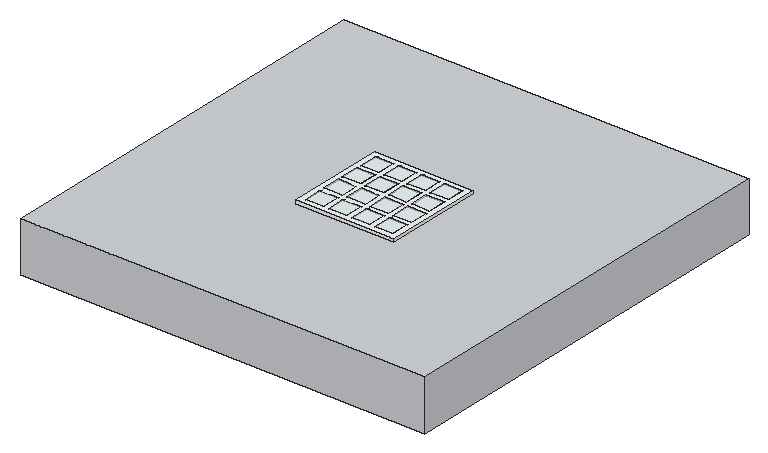
Revit family "YDILE", category Luminaires, Revit 2021
Family settings
  Hôte = Face
  Cote de connecteur circulaire = Utiliser le diamètre
  Type d'élément = Normal
  Numéro OmniClass = 23.80.70.11.17
  Titre OmniClass = Specialized Lighting by Location or Use
  Couper avec des vides une fois chargée = Oui
  Source d'éclairage = Oui
  Partagée = Oui
  Point de calcul de pièce = Oui
Parameters (values of type "621472")
  Épaisseur 2 = 2 mm
  Épaisseur = 18 mm
  URL = "https://www.resistex-sa.com/fr/ydile-4466lm-da-bp-bl-3000k-740.html"
  Tension = 230 V  # constant formula
  built-in parameter 1150107 = 3000 (stored number, unit not read)
  Wattage = 35.1 W
  built-in parameter 1150110 = 1 (stored number, unit not read)
  built-in parameter 1150109 = 1 (stored number, unit not read)
  built-in parameter 1114218 = 1 (stored number, unit not read)
  built-in parameter 1150113 = 1 (stored number, unit not read)
  built-in parameter 1150112 = 1 (stored number, unit not read)
  Nombre pôles = 1  # constant formula
  built-in parameter 1150137 = (empty or 0)
  built-in parameter 1150132 = (empty or 0)
  Modèle = "Ydile"  # constant formula
  Matériau diffuseur = PC Transparent
  Matériau corps = Alu blanc
  Longueur = 595 mm
  Largeur = 595 mm
  built-in parameter 1150105 = 354.73 (stored number, unit not read)
  built-in parameter 1150102 = (empty or 0)
  Indice de charge = Eclairage
  Image du type = <Aucun>
  IP = "20"  # constant formula
  IK = "08"  # constant formula
  Gradation des changements de température de couleur de lampe = <Aucun>
  Garantie = "5 ans"  # constant formula
  Lumens = 4457.7 lm
  Color Filter = 16777215
  Fichier de distribution photométrique = "621472.ies"
  built-in parameter 1114217 = 1 (stored number, unit not read)
  built-in parameter 1150139 = (empty or 0)
  Fabricant = "Résistex"  # constant formula
  Emit from Rectangle Length = 1219.2 mm
  Emit from Rectangle Width = 609.6 mm
  Emit Shape Visible in Rendering = no
  Default Elevation = 0 mm
  built-in parameter 1150104 = 11.799 (stored number, unit not read)
  built-in parameter 1150106 = 3.5473 (stored number, unit not read)
  built-in parameter 1150115 = 1 (stored number, unit not read)
  built-in parameter 1150114 = 1 (stored number, unit not read)
  Description = "Encastré tertiaire équipé de platines LED SMD, efficacité lumineuse de 127lm/W"
  Coût = 147.5
  built-in parameter 1150138 = (empty or 0)
  built-in parameter 1150134 = (empty or 0)
  Commentaires relatifs à la puissance = "35.1W"
  Apparent Load = 36.56 VA
  Tilt Angle = 60.00°
  built-in parameter 1150133 = 10 (stored number, unit not read)
Types (5, lengths in mm): name | URL | built-in parameter 1150107 | Wattage | built-in parameter 1150105 | Lumens | Fichier de distribution photométrique | built-in parameter 1150104 | built-in parameter 1150106 | Description | Coût | built-in parameter 1150134 | Commentaires relatifs à la puissance | Apparent Load
  (no name) | "https://www.resistex-sa.com/fr/ydile-4466lm-da-bp-bl-3000k-740.html" | 3000 (stored number, unit not read) | 35.1 W | 354.73 (stored number, unit not read) | 4457.7 lm | "621472.ies" | 11.799 (stored number, unit not read) | 3.5473 (stored number, unit not read) | "Encastré tertiaire équipé de platines LED SMD, efficacité lumineuse de 127lm/W" | 147.5 | (empty or 0) | "35.1W" | 36.56 VA
  621470 | "https://www.resistex-sa.com/fr/ydile-2985lm-bl-3000k-739.html" | 3000 (stored number, unit not read) | 21.5 W | 237.48 (stored number, unit not read) | 2984.2 lm | "621470.ies" | 12.895 (stored number, unit not read) | 2.3748 (stored number, unit not read) | "Encastré tertiaire équipé de platines LED SMD, efficacité lumineuse de 138.8lm/W" | 75 | (empty or 0) | "21.5W" | 22.16 VA
  621471 | "https://www.resistex-sa.com/fr/ydile-3245lm-bl-4000k-730.html" | 4000 (stored number, unit not read) | 21.5 W | 258.18 (stored number, unit not read) | 3244.35 lm | "621471.ies" | 14.019 (stored number, unit not read) | 2.5818 (stored number, unit not read) | "Encastré tertiaire équipé de platines LED SMD, efficacité lumineuse de 150.9lm/W" | 75 | 12 | "21.5W" | 22.16 VA
  621472 | "https://www.resistex-sa.com/fr/ydile-4466lm-da-bp-bl-3000k-740.html" | 3000 (stored number, unit not read) | 35.1 W | 354.73 (stored number, unit not read) | 4457.7 lm | "621472.ies" | 11.799 (stored number, unit not read) | 3.5473 (stored number, unit not read) | "Encastré tertiaire équipé de platines LED SMD, efficacité lumineuse de 127lm/W" | 147.5 | (empty or 0) | "35.1W" | 36.56 VA
  621473 | "https://www.resistex-sa.com/fr/ydile-4798lm-da-bp-bl-4000k-741.html" | 4000 (stored number, unit not read) | 35.6 W | 381.6 (stored number, unit not read) | 4795.32 lm | "621473.ies" | 12.514 (stored number, unit not read) | 3.816 (stored number, unit not read) | "Encastré tertiaire équipé de platines LED SMD, efficacité lumineuse de 134.7lm/W" | 147.5 | 12 | "35.6W" | 37.08 VA
Reference planes
  plane 1 "Centre (avant/arrière)": y = 0
  plane 2: z = 0
  plane 3 "Centre (gauche/droite)": x = 0
  plane 4: x = -297.5
  plane 5: x = 297.5
  plane 6: y = -297.5
  plane 7: y = 297.5
  plane 8 "Début diffuseur": z = 16
  plane 9: x = -264.5
  plane 10: x = -152.5
  plane 11: x = 152.5
  plane 12: x = 264.5
  plane 13: y = 264.5
  plane 14: y = 152.5
  plane 15: y = -152.5
  plane 16: y = -264.5
  plane 17: x = 125.5
  plane 18: x = -125.5
  plane 19: x = -13.5
  plane 20: x = 13.5
  plane 21: y = -125.5
  plane 22: y = -13.5
  plane 23: y = 13.5
  plane 24: y = 125.5
Forms (mm)
  Extrusion 1, solid
    sketch origin (0, 0, 0) x (1, 0, 0) y (0, 1, 0)
      loop
        line (-1219.2, 1219.2) -> (-1219.2, -1219.2) -> (1219.2, -1219.2) -> (1219.2, 1219.2) -> (-1219.2, 1219.2)
    from 0 to -304.8
  Extrusion 2, solid, material "Alu blanc" <- "Matériau corps"
    sketch origin (0, 0, 0) x (1, 0, 0) y (0, 1, 0)
      loop
        line (-297.5, 297.5) -> (-297.5, -297.5) -> (297.5, -297.5) -> (297.5, 297.5) -> (-297.5, 297.5)
    from 0 to 18 <- "Épaisseur"
  Extrusion 3, void
    sketch origin (0, 0, 16) x (-1, 0, 0) y (0, -1, 0)
      loop
        line (264.5, -264.5) -> (264.5, -152.5) -> (152.5, -152.5) -> (152.5, -264.5) -> (264.5, -264.5)
      loop
        line (-152.5, -264.5) -> (-152.5, -152.5) -> (-264.5, -152.5) -> (-264.5, -264.5) -> (-152.5, -264.5)
      loop
        line (-13.5, -152.5) -> (-125.5, -152.5) -> (-125.5, -264.5) -> (-13.5, -264.5) -> (-13.5, -152.5)
      loop
        line (125.5, -152.5) -> (13.5, -152.5) -> (13.5, -264.5) -> (125.5, -264.5) -> (125.5, -152.5)
      loop
        line (264.5, -13.5) -> (152.5, -13.5) -> (152.5, -125.5) -> (264.5, -125.5) -> (264.5, -13.5)
      loop
        line (125.5, -13.5) -> (13.5, -13.5) -> (13.5, -125.5) -> (125.5, -125.5) -> (125.5, -13.5)
      loop
        line (-13.5, -13.5) -> (-125.5, -13.5) -> (-125.5, -125.5) -> (-13.5, -125.5) -> (-13.5, -13.5)
      loop
        line (-152.5, -13.5) -> (-264.5, -13.5) -> (-264.5, -125.5) -> (-152.5, -125.5) -> (-152.5, -13.5)
      loop
        line (264.5, 125.5) -> (152.5, 125.5) -> (152.5, 13.5) -> (264.5, 13.5) -> (264.5, 125.5)
      loop
        line (125.5, 125.5) -> (13.5, 125.5) -> (13.5, 13.5) -> (125.5, 13.5) -> (125.5, 125.5)
      loop
        line (-13.5, 125.5) -> (-125.5, 125.5) -> (-125.5, 13.5) -> (-13.5, 13.5) -> (-13.5, 125.5)
      loop
        line (-152.5, 125.5) -> (-264.5, 125.5) -> (-264.5, 13.5) -> (-152.5, 13.5) -> (-152.5, 125.5)
      loop
        line (264.5, 264.5) -> (152.5, 264.5) -> (152.5, 152.5) -> (264.5, 152.5) -> (264.5, 264.5)
      loop
        line (125.5, 264.5) -> (13.5, 264.5) -> (13.5, 152.5) -> (125.5, 152.5) -> (125.5, 264.5)
      loop
        line (-13.5, 264.5) -> (-125.5, 264.5) -> (-125.5, 152.5) -> (-13.5, 152.5) -> (-13.5, 264.5)
      loop
        line (-152.5, 264.5) -> (-264.5, 264.5) -> (-264.5, 152.5) -> (-152.5, 152.5) -> (-152.5, 264.5)
    from 0 to 2 <- "Épaisseur 2"
  Extrusion 4, solid, material "PC Transparent" <- "Matériau diffuseur"
    sketch origin (0, 0, 16) x (-1, 0, 0) y (0, -1, 0)
      loop
        line (264.5, -264.5) -> (264.5, -152.5) -> (152.5, -152.5) -> (152.5, -264.5) -> (264.5, -264.5)
      loop
        line (13.5, -264.5) -> (125.5, -264.5) -> (125.5, -152.5) -> (13.5, -152.5) -> (13.5, -264.5)
      loop
        line (-125.5, -152.5) -> (-125.5, -264.5) -> (-13.5, -264.5) -> (-13.5, -152.5) -> (-125.5, -152.5)
      loop
        line (-152.5, -264.5) -> (-152.5, -152.5) -> (-264.5, -152.5) -> (-264.5, -264.5) -> (-152.5, -264.5)
      loop
        line (-152.5, -13.5) -> (-264.5, -13.5) -> (-264.5, -125.5) -> (-152.5, -125.5) -> (-152.5, -13.5)
      loop
        line (-13.5, -13.5) -> (-125.5, -13.5) -> (-125.5, -125.5) -> (-13.5, -125.5) -> (-13.5, -13.5)
      loop
        line (125.5, -13.5) -> (13.5, -13.5) -> (13.5, -125.5) -> (125.5, -125.5) -> (125.5, -13.5)
      loop
        line (264.5, -13.5) -> (152.5, -13.5) -> (152.5, -125.5) -> (264.5, -125.5) -> (264.5, -13.5)
      loop
        line (264.5, 125.5) -> (152.5, 125.5) -> (152.5, 13.5) -> (264.5, 13.5) -> (264.5, 125.5)
      loop
        line (125.5, 125.5) -> (13.5, 125.5) -> (13.5, 13.5) -> (125.5, 13.5) -> (125.5, 125.5)
      loop
        line (-125.5, 125.5) -> (-125.5, 13.5) -> (-13.5, 13.5) -> (-13.5, 125.5) -> (-125.5, 125.5)
      loop
        line (-264.5, 125.5) -> (-264.5, 13.5) -> (-152.5, 13.5) -> (-152.5, 125.5) -> (-264.5, 125.5)
      loop
        line (-152.5, 264.5) -> (-264.5, 264.5) -> (-264.5, 152.5) -> (-152.5, 152.5) -> (-152.5, 264.5)
      loop
        line (-13.5, 264.5) -> (-125.5, 264.5) -> (-125.5, 152.5) -> (-13.5, 152.5) -> (-13.5, 264.5)
      loop
        line (125.5, 264.5) -> (13.5, 264.5) -> (13.5, 152.5) -> (125.5, 152.5) -> (125.5, 264.5)
      loop
        line (264.5, 264.5) -> (152.5, 264.5) -> (152.5, 152.5) -> (264.5, 152.5) -> (264.5, 264.5)
    from 0 to 2 <- "Épaisseur 2"
Cuts and joins
  Extrusion 3 cuts Extrusion 2
Dimensions and locks
  "Longueur": plane 4 to plane 5
  equal spacing: plane 4, plane 3 "Centre (gauche/droite)", plane 5
  "Largeur": plane 6 to plane 7
  equal spacing: plane 6, plane 1 "Centre (avant/arrière)", plane 7
  locked: Extrusion 2 to plane 9 at 33
  locked: plane 12 to Extrusion 2 at 33
  locked: plane 9 to plane 10 at 112
  plane 11 to plane 12 = 112 mm
  locked: Extrusion 2 to plane 13 at 33
  locked: plane 16 to Extrusion 2 at 33
  locked: plane 15 to plane 16 at 112
  locked: plane 13 to plane 14 at 112
  locked: plane 17 to plane 11 at 27
  locked: plane 10 to plane 18 at 27
  locked: plane 18 to plane 19 at 112
  locked: plane 20 to plane 17 at 112
  locked: plane 14 to plane 24 at 27
  locked: plane 24 to plane 23 at 112
  locked: plane 21 to plane 15 at 27
  locked: plane 22 to plane 21 at 112
  plane 2 to plane 8 "Début diffuseur" to cut or joined group of Extrusion 2, Extrusion 3 = 16 mm, 2 mm
  "Épaisseur 2": cut or joined group of Extrusion 2, Extrusion 3 to plane 8 "Début diffuseur"
  aligned and locked: plane 2 to Extrusion 1
  aligned and locked: level to Extrusion 1
  aligned and locked: Extrusion 2 sketch curve to plane 7
  aligned and locked: Extrusion 2 sketch curve to plane 4
  aligned and locked: Extrusion 2 sketch curve to plane 6
  aligned and locked: Extrusion 2 sketch curve to plane 5
  aligned and locked: Extrusion 3 sketch curve to plane 13  (x2)
  aligned and locked: plane 9 to Extrusion 3 sketch curve
  aligned and locked: plane 14 to Extrusion 3 sketch curve  (x2)
  aligned and locked: Extrusion 3 sketch curve to plane 10
  aligned and locked: plane 11 to Extrusion 3 sketch curve
  aligned and locked: Extrusion 3 sketch curve to plane 12
  aligned and locked: Extrusion 3 sketch curve to plane 14  (x2)
  aligned and locked: Extrusion 3 sketch curve to plane 20  (x4)
  aligned and locked: plane 13 to Extrusion 3 sketch curve  (x2)
  aligned and locked: plane 17 to Extrusion 3 sketch curve  (x4)
  aligned and locked: Extrusion 3 sketch curve to plane 18  (x4)
  aligned and locked: plane 19 to Extrusion 3 sketch curve  (x4)
  aligned and locked: Extrusion 3 sketch curve to plane 23  (x4)
  aligned and locked: Extrusion 3 sketch curve to plane 9  (x3)
  aligned and locked: plane 24 to Extrusion 3 sketch curve  (x4)
  aligned and locked: plane 10 to Extrusion 3 sketch curve  (x3)
  aligned and locked: Extrusion 3 sketch curve to plane 11  (x3)
  aligned and locked: plane 12 to Extrusion 3 sketch curve  (x3)
  aligned and locked: Extrusion 3 sketch curve to plane 21  (x4)
  aligned and locked: plane 22 to Extrusion 3 sketch curve  (x4)
  aligned and locked: Extrusion 3 sketch curve to plane 16  (x4)
  aligned and locked: plane 15 to Extrusion 3 sketch curve  (x4)
  aligned and locked: Extrusion 4 sketch curve to cut or joined group of Extrusion 2, Extrusion 3  (x64)
Automatic sketch dimensions
  Extrusion 1 sketch curve to Extrusion 1 sketch curve = 2438.4 mm  (x2)
Connectors
  electrical at (0, 0, 0), driven by "Nombre pôles", driven by "Indice de charge", driven by "Tension", driven by "Apparent Load"
    settings: on cut or joined group of Extrusion 2, Extrusion 3, index 1, voltage 230 V, apparent load 0 VA, apparent load phase1 36.56 VA, apparent load phase2 0 VA, apparent load phase3 0 VA, power factor 1, load classification "Eclairage", number of poles 1, system type 31, power factor state 1, is connector primary yes, connector utility no, sub classification motor no, connector description ""
